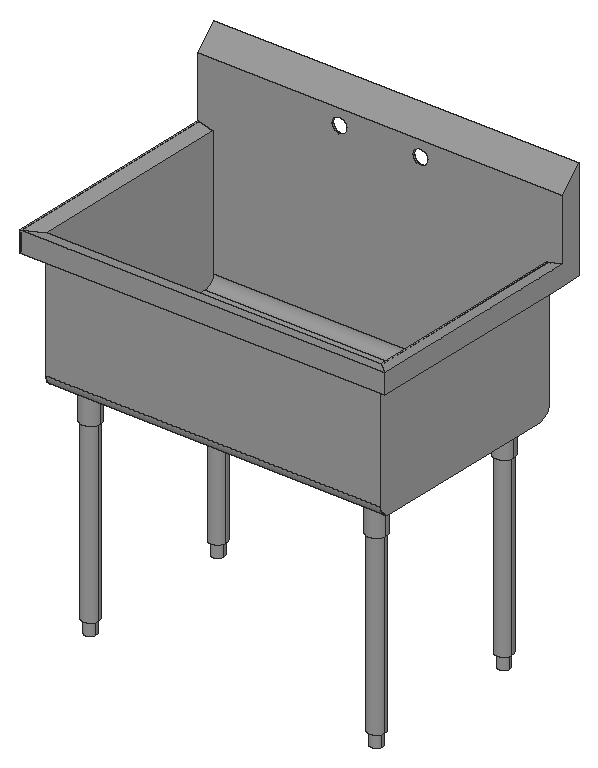
Revit family "equip-sink-elkay-weldbilt-S", category Plumbing Fixtures, Revit 2019
Family settings
  Round Connector Dimension = Use Diameter
  Part Type = Normal
  Work Plane-Based = No
  Always vertical = Yes
  Cut with Voids When Loaded = No
  Shared = No
  Room Calculation Point = No
Parameters (values of type "ByType")
  Width = 2' - 0"
  URL = "http://www.elkayusa.com/cps/rde/xchg/elkay/hs.xsl/Default.aspx"
  Specification URL = " "
  Sink Material = Metal - Steel - Stainless - Chrome
  Model Number = ""
  Model = "Weldbilt"  # constant formula
  Manufacturer = "Elkay Manufacturer"  # constant formula
  Length = 3' - 0"
  Installation URL = " "
  Hidden Width = if(Compartment Width > 0' 11", Width, (Compartment Width + Sink Rim Front Width + Backsplash Width))  # 2' - 0"
  Hidden Compartment Width = Width - Sink Rim Front Width - Backsplash Width  # 1' - 8 1/2"
  Hidden Compartment Length = Length - (Sink Rim Sides Width * 2)  # 2' - 9"
  Description = "Weldbilt Single Compartment Scullery Sinks"  # constant formula
  Compartment Length = if(Hidden Compartment Length > 0' 8 1/2", Hidden Compartment Length, 0' 8 1/2")  # 2' - 9"
  Hidden Length = if((Compartment Length > 0' 8 1/2"), Length, ((Compartment Length + Sink Rim Sides Width * 2)))  # 3' - 0"
  Sink Rim Sides Width = 0' - 1 1/2"  # constant formula
  Sink Rim Front Width = 0' - 1 1/2"  # constant formula
  Backsplash Width = 0' - 2"  # constant formula
  Sink Drain Location = Compartment Width / 2  # 0' - 10 1/4"
  Compartment Depth = 1' - 2"
  Compartment Width = if(Hidden Compartment Width > 0' 11", Hidden Compartment Width, 0' 11")  # 1' - 8 1/2"
  Rim Height = 3' - 0"
  Hole 1 to 2 = 0' - 8"
  Hole 1 From CL = 0' - 4"
  Faucet CL from Top Backsplash = 0' - 3 1/2"
  Backsplash Height = 0' - 8"
Reference planes (in)
  plane 1 "CL Sink Hole": y = -0.25
  plane 2 "Bottom": z = 0
  plane 3 "Center (Left/Right)": x = -6
  plane 4 "Basin Edge Left": x = -22.5
  plane 5 "Basin Edge Right": x = 10.5
  plane 6 "Basin Edge Back": y = 10
  plane 7 "Basin Edge Front": y = -10.5
  plane 8 "Left": x = -24
  plane 9 "Right": x = 12
  plane 10 "Back": y = 12
  plane 11 "Front": y = -12
  plane 12 "Sink Bowl Bottom (Top Face)": z = 22
  plane 13 "Sink Bowl Bottom (Bottom Face)": z = 21.875
  plane 14 "Sink Bottom Piece Back Edge": y = 9
  plane 15 "Sink Bottom Piece Front Edge": y = -9.5
  plane 16 "Center (Front/Back)": y = 0
  plane 17 "Sink Rim Top": z = 36
  plane 18 "Sink Bowl Bottom Radius Top Tangent": z = 23
  plane 19 "Sink Rim Inside Lower Edge": z = 35.59808
  plane 20: z = 44
  plane 21 "Backsplash Angle": z = 42
  plane 22 "Backsplash Side Piece Front": y = 10.125
  plane 23 "Backsplash Side Piece Top": z = 43.82322
  plane 24 "Backsplash Side Piece Angle": z = 41.94822
  plane 25 "Backsplash Side Piece Bottom": z = 34
  plane 26 "Backsplash Side Right Piece Inside Edge": x = 11.875
  plane 27 "Backsplash Side Left Piece Inside Edge": x = -23.875
  plane 28 "Basin Edge Right Outside Face": x = 10.5625
  plane 29 "Basin Edge Left Outside Face": x = -22.5625
  plane 30 "Faucet Hole CL Elev": z = 40.5
  plane 31 "CL Faucet Hole Left": x = -10
  plane 32 "CL Faucet Hole Right": x = -2
  plane 33 "Leg Left CL": x = -20.125
  plane 34 "Leg Front CL": y = -8.125
  plane 35: z = 18.825
  plane 36: z = 1.3125
  plane 37 "Leg Right CL": x = 8.125
  plane 38 "Leg Back CL": y = 7.625
  plane 39 "Basin Edge Front Outside Edge": y = -10.625
  plane 40 "Basin Edge Back Outside Edge": y = 10.125
Forms (in)
  Sweep 1, solid, material "Metal - Steel - Stainless - Chrome" <- "Sink Material"
    path origin (0, 0, 36) x (0, -1, 0) y (1, 0, 0)
      loop
        line (-10.125, 12) -> (12, 12) -> (12, -24) -> (-10.125, -24)
    profile "profile-weldbilt-rim : profile-weldbilt-rim" origin (-24, -0.9375, 36) x (-1, 0, 0) y (0, 0, 1)
      loop
        line (-1.5, -0.40192) -> (-1.41389, -0.45164) -> (-0.07031, -0.09163) -> (-0.07031, -1.94605) -> (-0.42259, -2.04044) -> (-0.42259, -2.11323) -> (0, -2) -> (0, 0) -> (-1.5, -0.40192)
  Extrusion 2, solid, material "Metal - Steel - Stainless - Chrome" <- "Sink Material"
    sketch origin (-6, 0, 0) x (0, 1, 0) y (0, 0, 1)
      loop
        line (-10.625, 35.59808) -> (-10.625, 23)
        arc (-10.625, 23) -> (-10.2955, 22.2045) -> (-9.5, 21.875) r 1.125
        line (-9.5, 21.875) -> (9, 21.875)
        arc (9, 21.875) -> (9.7955, 22.2045) -> (10.125, 23) r 1.125
        line (10.125, 23) -> (10.125, 35.59808) -> (10, 35.59808) -> (10, 23)
        arc (10, 23) -> (9.70711, 22.29289) -> (9, 22) r 1
        line (9, 22) -> (-9.5, 22)
        arc (-9.5, 22) -> (-10.20711, 22.29289) -> (-10.5, 23) r 1
        line (-10.5, 23) -> (-10.5, 35.59808) -> (-10.625, 35.59808)
    from -16.5 to 16.5
  Extrusion 3, solid, material "Metal - Steel - Stainless - Chrome" <- "Sink Material"
    sketch origin (-6, 0, 0) x (0, 1, 0) y (0, 0, 1)
      loop
        line (10, 42) -> (10, 35.59808) -> (10.125, 35.59808) -> (10.125, 41.94822) -> (12, 43.82322) -> (12, 44) -> (10, 42)
    from -18 to 18
  Extrusion 4, solid, material "Metal - Steel - Stainless - Chrome" <- "Sink Material"
    sketch origin (12, 0, 0) x (0, 1, 0) y (0, 0, 1)
      loop
        line (12, 43.82322) -> (10.125, 41.94822) -> (10.125, 34) -> (12, 34) -> (12, 43.82322)
    from -0.125 to 0
  Extrusion 5, solid, material "Metal - Steel - Stainless - Chrome" <- "Sink Material"
    sketch origin (-18, 0, 0) x (0, 1, 0) y (0, 0, 1)
      loop
        line (12, 43.82322) -> (10.125, 41.94822) -> (10.125, 34) -> (12, 34) -> (12, 43.82322)
    from -6 to -5.875
  Extrusion 6, solid, material "Metal - Steel - Stainless - Chrome" <- "Sink Material"
    sketch origin (10.5, 0, 0) x (0, 1, 0) y (0, 0, 1)
      loop
        line (-10.625, 35.59808) -> (-10.625, 23)
        arc (-10.625, 23) -> (-10.2955, 22.2045) -> (-9.5, 21.875) r 1.125
        line (-9.5, 21.875) -> (9, 21.875)
        arc (9, 21.875) -> (9.7955, 22.2045) -> (10.125, 23) r 1.125
        line (10.125, 23) -> (10.125, 35.59808) -> (-10.625, 35.59808)
    from 0 to 0.0625
  Extrusion 7, solid, material "Metal - Steel - Stainless - Chrome" <- "Sink Material"
    sketch origin (-22.5, 0, 0) x (0, 1, 0) y (0, 0, 1)
      loop
        line (10.125, 35.59808) -> (-10.625, 35.59808) -> (-10.625, 23)
        arc (-10.625, 23) -> (-10.2955, 22.2045) -> (-9.5, 21.875) r 1.125
        line (-9.5, 21.875) -> (9, 21.875)
        arc (9, 21.875) -> (9.7955, 22.2045) -> (10.125, 23) r 1.125
        line (10.125, 23) -> (10.125, 35.59808)
    from -0.0625 to 0
  Extrusion 8, void
    sketch origin (0, -0.25, 0) x (1, 0, 0) y (0, 0, 1)
      loop
        circle (-10, 40.5) r 0.75
    from -10.375 to -10.25
  Extrusion 9, void
    sketch origin (0, -0.25, 0) x (1, 0, 0) y (0, 0, 1)
      loop
        circle (-2, 40.5) r 0.75
    from -10.375 to -10.25
  Extrusion 10, void
    sketch origin (-45.27944, 78.60934, 0) x (1, 0, 0) y (0, 1, 0)
      loop
        circle (39.27944, -78.85934) r 2.375
    from 21.875 to 22
  Revolve 11, solid, material "Metal - Steel - Stainless - Chrome" <- "Sink Material"
    sketch origin (0, -8.125, 0) x (-1, 0, 0) y (0, 0, 1)
      loop
        line (20.9375, 18.825) -> (21.095, 18.825) -> (21.095, 21.875) -> (20.125, 21.875) -> (20.125, 0) -> (20.6875, 0) -> (20.6875, 1.3125) -> (20.9375, 1.3125) -> (20.9375, 18.825)
      axis (20.125, 21.875) -> (20.125, 0)
    angle from 0 to 360
  Revolve 12, solid, material "Metal - Steel - Stainless - Chrome" <- "Sink Material"
    sketch origin (0, -8.125, 0) x (-1, 0, 0) y (0, 0, 1)
      loop
        line (-8.9375, 18.825) -> (-8.9375, 1.3125) -> (-8.6875, 1.3125) -> (-8.6875, 0) -> (-8.125, 0) -> (-8.125, 21.875) -> (-9.095, 21.875) -> (-9.095, 18.825) -> (-8.9375, 18.825)
      axis (-8.125, 21.875) -> (-8.125, 0)
    angle from 0 to 360
  Revolve 13, solid, material "Metal - Steel - Stainless - Chrome" <- "Sink Material"
    sketch origin (0, 7.625, 0) x (-1, 0, 0) y (0, 0, 1)
      loop
        line (-8.9375, 18.825) -> (-8.9375, 1.3125) -> (-8.6875, 1.3125) -> (-8.6875, 0) -> (-8.125, 0) -> (-8.125, 21.875) -> (-9.095, 21.875) -> (-9.095, 18.825) -> (-8.9375, 18.825)
      axis (-8.125, 21.875) -> (-8.125, 0)
    angle from 0 to 360
  Revolve 14, solid, material "Metal - Steel - Stainless - Chrome" <- "Sink Material"
    sketch origin (0, 7.625, 0) x (-1, 0, 0) y (0, 0, 1)
      loop
        line (19.3125, 18.825) -> (19.3125, 1.3125) -> (19.5625, 1.3125) -> (19.5625, 0) -> (20.125, 0) -> (20.125, 21.875) -> (19.155, 21.875) -> (19.155, 18.825) -> (19.3125, 18.825)
      axis (20.125, 21.875) -> (20.125, 0)
    angle from 0 to 360
  Sweep 15, solid, material "Metal - Steel - Stainless - Chrome" <- "Sink Material"
    path origin (0, 0, 22) x (-1, 0, 0) y (0, -1, 0)
      loop
        circle (6, 0.25) r 2.375
    profile "profile-elkay-sink-hole-1 : profile-elkay-sink-hole-1" origin (-6, -2.625, 22) x (0, 1, 0) y (0, 0, 1)
      loop
        arc (0.10775, -0.05529) -> (0.06053, -0.01467) -> (0, 0) r 0.133
        line (0, 0) -> (0, -0.07422)
        arc (0, -0.07422) -> (0.0267, -0.08072) -> (0.04752, -0.09865) r 0.05878
        line (0.04752, -0.09865) -> (0.12152, -0.20143) -> (0.5715, -0.40832) -> (0.5715, -0.32577) -> (0.16939, -0.14089) -> (0.10775, -0.05529)
Cuts and joins
  Extrusion 10 cuts Extrusion 2
  Extrusion 8, Extrusion 9 cuts Extrusion 3
  Extrusion 10 cuts Extrusion 6
  joined: Sweep 1, Extrusion 2, Extrusion 3, Extrusion 4, Extrusion 5, Extrusion 6, Extrusion 7, Sweep 15
Lines and regions (in)
  Masking region 1
    outline origin (0, 0, 0) x (1, 0, 0) y (0, 1, 0)
      loop
        line (-24, 12) -> (-24, -12) -> (12, -12) -> (12, 12) -> (-24, 12)
  reference lines
    curve 1: arc (-6, -9.5, 22) -> (-6, -10.20711, 22.29289) -> (-6, -10.5, 23) r 1
    curve 2: arc (-6, 10, 23) -> (-6, 9.70711, 22.29289) -> (-6, 9, 22) r 1
    curve 3: line (-20.125, -8.125, 21.875) -> (-20.125, -8.125, 0)
    curve 4: line (8.125, -8.125, 22) -> (8.125, -8.125, 0)
    curve 5: line (8.125, 7.625, 21.875) -> (8.125, 7.625, 0)
    curve 6: line (-20.125, 7.625, 21.875) -> (-20.125, 7.625, 0)
    curve 15: arc (-6, 10.125, 23) -> (-6, 9.7955, 22.2045) -> (-6, 9, 21.875) r 1.125
    curve 16: arc (-6, -10.625, 23) -> (-6, -10.2955, 22.2045) -> (-6, -9.5, 21.875) r 1.125
  symbolic lines
    curve 7: line (-24, 10, 0) -> (12, 10, 0)
    curve 8: line (-22.5, -10.5, 0) -> (-22.5, 10, 0)
    curve 9: line (10.5, -10.5, 0) -> (-22.5, -10.5, 0)
    curve 10: line (10.5, 10, 0) -> (10.5, -10.5, 0)
    curve 11: circle (-6, -0.25, 0) r 2.375 normal (0, 0, 1)
    curve 12: line (-22.5, -10.5, 0) -> (-24, -12, 0)
    curve 13: line (12, -12, 0) -> (10.5, -10.5, 0)
    curve 14: circle (-6, -0.25, 0) r 1.75 normal (0, 0, 1)
Dimensions and locks (in)
  equal spacing: plane 8 "Left", plane 3 "Center (Left/Right)", plane 9 "Right"
  "Sink Rim Sides Width": plane 8 "Left" to plane 4 "Basin Edge Left"
  "Sink Rim Sides Width": plane 5 "Basin Edge Right" to plane 9 "Right"
  "Hidden Length": plane 8 "Left" to plane 9 "Right"
  "Sink Drain Location": plane 6 "Basin Edge Back" to plane 1 "CL Sink Hole"
  "Backsplash Width": plane 10 "Back" to plane 6 "Basin Edge Back"
  "Sink Rim Front Width": plane 7 "Basin Edge Front" to plane 11 "Front"
  "Hidden Width": plane 10 "Back" to plane 11 "Front"
  locked: plane 15 "Sink Bottom Piece Front Edge" to plane 7 "Basin Edge Front" at 1
  locked: plane 6 "Basin Edge Back" to plane 14 "Sink Bottom Piece Back Edge" at 1
  equal spacing: plane 10 "Back", plane 16 "Center (Front/Back)", plane 11 "Front"
  "Compartment Depth": plane 17 "Sink Rim Top" to plane 12 "Sink Bowl Bottom (Top Face)"
  "Rim Height": plane 17 "Sink Rim Top" to plane 2 "Bottom"
  locked: plane 18 "Sink Bowl Bottom Radius Top Tangent" to plane 12 "Sink Bowl Bottom (Top Face)" at 1
  locked: plane 17 "Sink Rim Top" to plane 19 "Sink Rim Inside Lower Edge" at 0.40192
  "Backsplash Height": plane 20 to plane 17 "Sink Rim Top"
  locked: plane 20 to plane 21 "Backsplash Angle" at 2
  locked: plane 20 to plane 23 "Backsplash Side Piece Top" at 0.17678
  locked: plane 6 "Basin Edge Back" to plane 22 "Backsplash Side Piece Front" at 0.125
  locked: plane 21 "Backsplash Angle" to plane 24 "Backsplash Side Piece Angle" at 0.05178
  locked: plane 26 "Backsplash Side Right Piece Inside Edge" to plane 9 "Right" at 0.125
  locked: plane 8 "Left" to plane 27 "Backsplash Side Left Piece Inside Edge" at 0.125
  locked: plane 5 "Basin Edge Right" to plane 28 "Basin Edge Right Outside Face" at 0.0625
  plane 29 "Basin Edge Left Outside Face" to plane 4 "Basin Edge Left" = 0' - 0 1/16"
  locked: plane 17 "Sink Rim Top" to plane 25 "Backsplash Side Piece Bottom" at 2
  locked: plane 34 "Leg Front CL" to plane 7 "Basin Edge Front" at 2.375
  locked: plane 4 "Basin Edge Left" to plane 33 "Leg Left CL" at 2.375
  "Hole 1 From CL": plane 31 "CL Faucet Hole Left" to plane 3 "Center (Left/Right)"
  "Hole 1 to 2": plane 31 "CL Faucet Hole Left" to plane 32 "CL Faucet Hole Right"
  locked: plane 12 "Sink Bowl Bottom (Top Face)" to plane 13 "Sink Bowl Bottom (Bottom Face)" at 0.125
  locked: plane 12 "Sink Bowl Bottom (Top Face)" to plane 35 at 3.175
  locked: plane 36 to plane 2 "Bottom" at 1.3125
  "Faucet CL from Top Backsplash": plane 20 to plane 30 "Faucet Hole CL Elev"
  locked: plane 37 "Leg Right CL" to plane 5 "Basin Edge Right" at 2.375
  locked: plane 6 "Basin Edge Back" to plane 38 "Leg Back CL" at 2.375
  locked: nested 1 to plane 9 "Right" at 4
  locked: plane 10 "Back" to nested 1 at 1
  locked: plane 39 "Basin Edge Front Outside Edge" to plane 7 "Basin Edge Front" at 0.125
  plane 6 "Basin Edge Back" to plane 40 "Basin Edge Back Outside Edge" = 0' - 0 1/8"
  aligned and locked: Extrusion 2 sketch curve to plane 6 "Basin Edge Back"
  aligned and locked: Extrusion 2 sketch curve to curve 2
  aligned and locked: Extrusion 2 sketch curve to curve 1
  aligned and locked: plane 5 "Basin Edge Right" to Extrusion 2
  aligned and locked: Extrusion 2 to plane 4 "Basin Edge Left"
  aligned and locked: Extrusion 2 sketch curve to plane 19 "Sink Rim Inside Lower Edge"  (x2)
  aligned and locked: Extrusion 3 sketch curve to plane 19 "Sink Rim Inside Lower Edge"
  aligned and locked: Extrusion 3 sketch curve to plane 10 "Back"
  aligned and locked: Extrusion 3 sketch curve to plane 6 "Basin Edge Back"
  aligned and locked: plane 9 "Right" to Extrusion 3
  aligned and locked: Extrusion 3 to plane 8 "Left"
  aligned and locked: plane 10 "Back" to Extrusion 4 sketch curve
  aligned and locked: Extrusion 4 sketch curve to plane 25 "Backsplash Side Piece Bottom"
  aligned and locked: Extrusion 4 sketch curve to plane 22 "Backsplash Side Piece Front"
  aligned and locked: Extrusion 4 to plane 26 "Backsplash Side Right Piece Inside Edge"
  aligned and locked: plane 9 "Right" to Extrusion 4
  aligned and locked: plane 22 "Backsplash Side Piece Front" to Sweep 1 sketch curve  (x2)
  aligned and locked: Extrusion 5 sketch curve to plane 10 "Back"
  aligned and locked: plane 22 "Backsplash Side Piece Front" to Extrusion 5 sketch curve
  aligned and locked: plane 25 "Backsplash Side Piece Bottom" to Extrusion 5 sketch curve
  aligned and locked: plane 27 "Backsplash Side Left Piece Inside Edge" to Extrusion 5
  aligned and locked: Extrusion 5 to plane 8 "Left"
  aligned and locked: Extrusion 6 sketch curve to plane 19 "Sink Rim Inside Lower Edge"
  aligned and locked: Extrusion 6 to plane 5 "Basin Edge Right"
  aligned and locked: plane 28 "Basin Edge Right Outside Face" to Extrusion 6
  aligned and locked: Extrusion 7 sketch curve to plane 19 "Sink Rim Inside Lower Edge"
  aligned and locked: Extrusion 7 to plane 29 "Basin Edge Left Outside Face"
  aligned and locked: plane 4 "Basin Edge Left" to Extrusion 7
  aligned and locked: plane 22 "Backsplash Side Piece Front" to Extrusion 9
  aligned and locked: Extrusion 9 to plane 6 "Basin Edge Back"
  aligned and locked: plane 22 "Backsplash Side Piece Front" to Extrusion 8
  aligned: Extrusion 8 to plane 14 "Sink Bottom Piece Back Edge"
  aligned and locked: Extrusion 8 to plane 6 "Basin Edge Back"
  aligned and locked: plane 12 "Sink Bowl Bottom (Top Face)" to Extrusion 10
  aligned and locked: Extrusion 10 to plane 13 "Sink Bowl Bottom (Bottom Face)"
  aligned and locked: Revolve 11 sketch curve to plane 13 "Sink Bowl Bottom (Bottom Face)"
  aligned and locked: Revolve 11 sketch curve to curve 3
  aligned and locked: curve 4 to plane 37 "Leg Right CL"
  aligned and locked: plane 12 "Sink Bowl Bottom (Top Face)" to curve 4
  aligned and locked: plane 2 "Bottom" to curve 4
  aligned and locked: Revolve 12 sketch curve to plane 36
  aligned and locked: Revolve 12 sketch curve to plane 35
  aligned and locked: plane 2 "Bottom" to Revolve 12 sketch curve  (x3)
  aligned and locked: plane 13 "Sink Bowl Bottom (Bottom Face)" to Revolve 12 sketch curve  (x2)
  aligned and locked: curve 4 to Revolve 12 sketch curve  (x2)
  aligned and locked: Revolve 13 sketch curve to plane 2 "Bottom"
  aligned and locked: plane 36 to Revolve 13 sketch curve
  aligned and locked: plane 35 to Revolve 13 sketch curve
  aligned and locked: Revolve 13 sketch curve to plane 13 "Sink Bowl Bottom (Bottom Face)"
  aligned and locked: plane 37 "Leg Right CL" to Revolve 13 sketch curve
  aligned and locked: Revolve 13 sketch curve to curve 5
  aligned and locked: Revolve 14 sketch curve to plane 2 "Bottom"
  aligned and locked: plane 36 to Revolve 14 sketch curve
  aligned and locked: plane 35 to Revolve 14 sketch curve
  aligned and locked: Revolve 14 sketch curve to plane 13 "Sink Bowl Bottom (Bottom Face)"
  aligned and locked: plane 33 "Leg Left CL" to Revolve 14 sketch curve
  aligned and locked: plane 2 "Bottom" to Revolve 14 sketch curve
  aligned and locked: Revolve 14 sketch curve to plane 33 "Leg Left CL"
  aligned and locked: Masking region 1 sketch curve to plane 10 "Back"
  aligned and locked: plane 8 "Left" to Masking region 1 sketch curve
  aligned and locked: Masking region 1 sketch curve to plane 9 "Right"
  aligned and locked: plane 11 "Front" to Masking region 1 sketch curve
  aligned and locked: plane 7 "Basin Edge Front" to curve 9
  aligned and locked: plane 4 "Basin Edge Left" to curve 8
  aligned and locked: curve 7 to plane 6 "Basin Edge Back"
  aligned and locked: plane 8 "Left" to curve 7
  aligned and locked: plane 9 "Right" to curve 7
  aligned and locked: Extrusion 6 sketch curve to plane 39 "Basin Edge Front Outside Edge"
  aligned and locked: Extrusion 6 sketch curve to plane 40 "Basin Edge Back Outside Edge"
  aligned and locked: Extrusion 6 sketch curve to curve 16
  aligned and locked: Extrusion 6 sketch curve to curve 15
  aligned and locked: Extrusion 7 sketch curve to curve 16
  aligned and locked: Extrusion 7 sketch curve to curve 15
  aligned and locked: plane 23 "Backsplash Side Piece Top" to Extrusion 4 sketch curve
  aligned and locked: plane 24 "Backsplash Side Piece Angle" to Extrusion 4 sketch curve
Automatic sketch dimensions
  Sweep 1 sketch curve to plane 8 "Left" = 0' - 0"
  Sweep 1 sketch curve to plane 11 "Front" = 0' - 0"
  Sweep 1 sketch curve to plane 9 "Right" = 0' - 0"
  Extrusion 3 sketch curve to plane 20 = 0' - 0"
  Extrusion 5 sketch curve to plane 24 "Backsplash Side Piece Angle" = 0' - 0"
  Extrusion 5 sketch curve to plane 23 "Backsplash Side Piece Top" = 0' - 0"
  Extrusion 8 sketch curve to plane 30 "Faucet Hole CL Elev" = 0' - 0"
  Extrusion 8 sketch curve to plane 31 "CL Faucet Hole Left" = 0' - 0"
  Extrusion 9 sketch curve to plane 30 "Faucet Hole CL Elev" = 0' - 0"
  Extrusion 9 sketch curve to plane 32 "CL Faucet Hole Right" = 0' - 0"
  Extrusion 10 sketch curve to plane 1 "CL Sink Hole" = 0' - 0"
  plane 3 "Center (Left/Right)" to Extrusion 10 sketch curve = 0' - 0"
  curve 3 to level = 0' - 0"
  curve 3 to plane 33 "Leg Left CL" = 0' - 0"
  curve 3 to plane 13 "Sink Bowl Bottom (Bottom Face)" = 0' - 0"
  Revolve 11 sketch curve to plane 33 "Leg Left CL" = 0' - 0"
  Revolve 11 sketch curve to level = 0' - 0"  (x2)
  Revolve 11 sketch curve to plane 36 = 0' - 0"
  Revolve 11 sketch curve to plane 35 = 0' - 0"
  Revolve 11 sketch curve to plane 13 "Sink Bowl Bottom (Bottom Face)" = 0' - 0"
  Revolve 11 sketch curve to Revolve 11 sketch curve = 0' - 0 9/16"
  Revolve 11 sketch curve to Revolve 11 sketch curve = 0' - 0 1/4"
  Revolve 11 sketch curve to Revolve 11 sketch curve = 0' - 0.1575"
  plane 37 "Leg Right CL" to Revolve 12 sketch curve = 0' - 0 9/16"
  plane 37 "Leg Right CL" to Revolve 12 sketch curve = 0' - 0 13/16"
  Revolve 12 sketch curve to Revolve 12 sketch curve = 0' - 0.1575"
  curve 5 to level = 0' - 0"
  curve 5 to plane 37 "Leg Right CL" = 0' - 0"
  curve 5 to plane 13 "Sink Bowl Bottom (Bottom Face)" = 0' - 0"
  Revolve 13 sketch curve to level = 0' - 0"
  Revolve 13 sketch curve to plane 13 "Sink Bowl Bottom (Bottom Face)" = 0' - 0"
  plane 37 "Leg Right CL" to Revolve 13 sketch curve = 0' - 0 9/16"
  Revolve 13 sketch curve to Revolve 13 sketch curve = 0' - 0 1/4"
  Revolve 13 sketch curve to Revolve 13 sketch curve = 0' - 0.97"
  Revolve 14 sketch curve to plane 13 "Sink Bowl Bottom (Bottom Face)" = 0' - 0"
  plane 33 "Leg Left CL" to Revolve 14 sketch curve = 0' - 0 9/16"
  Revolve 14 sketch curve to Revolve 14 sketch curve = 0' - 0 1/4"
  Revolve 14 sketch curve to Revolve 14 sketch curve = 0' - 0.97"
  curve 6 to level = 0' - 0"
  curve 6 to plane 33 "Leg Left CL" = 0' - 0"
  curve 6 to plane 13 "Sink Bowl Bottom (Bottom Face)" = 0' - 0"
  plane 1 "CL Sink Hole" to Sweep 15 sketch curve = 0' - 0"
  Sweep 15 sketch curve to plane 3 "Center (Left/Right)" = 0' - 0"
  curve 11 to curve 14 = 0' - 0"  (x2)
  curve 12 to plane 8 "Left" = 0' - 0"
  plane 1 "CL Sink Hole" to curve 14 = 0' - 0"
  curve 14 to plane 3 "Center (Left/Right)" = 0' - 0"
  curve 13 to plane 5 "Basin Edge Right" = 0' - 0"
  curve 13 to plane 9 "Right" = 0' - 0"
  curve 13 to plane 11 "Front" = 0' - 0"
  curve 12 to plane 11 "Front" = 0' - 0"
  curve 1 to curve 16 = 0' - 0"  (x2)
  curve 2 to curve 15 = 0' - 0"  (x2)
  curve 16 to plane 18 "Sink Bowl Bottom Radius Top Tangent" = 0' - 0"
  curve 16 to plane 39 "Basin Edge Front Outside Edge" = 0' - 0"
  curve 1 to plane 7 "Basin Edge Front" = 0' - 0"
  curve 1 to plane 12 "Sink Bowl Bottom (Top Face)" = 0' - 0"
  curve 15 to plane 14 "Sink Bottom Piece Back Edge" = 0' - 0"
  curve 2 to plane 6 "Basin Edge Back" = 0' - 0"
  curve 15 to plane 18 "Sink Bowl Bottom Radius Top Tangent" = 0' - 0"
  curve 15 to plane 40 "Basin Edge Back Outside Edge" = 0' - 0"
  plane 23 "Backsplash Side Piece Top" to Extrusion 3 sketch curve = 0' - 0"
  Extrusion 3 sketch curve to plane 21 "Backsplash Angle" = 0' - 0"
  Extrusion 3 sketch curve to plane 22 "Backsplash Side Piece Front" = 0' - 0"
  Extrusion 3 sketch curve to plane 21 "Backsplash Angle" = 0' - 0.05178"
  Extrusion 2 sketch curve to plane 39 "Basin Edge Front Outside Edge" = 0' - 0"
  Extrusion 2 sketch curve to Extrusion 2 sketch curve = 0' - 0"  (x4)
  radius of Extrusion 8 sketch curve = 0' - 0 3/4"
  radius of Extrusion 9 sketch curve = 0' - 0 3/4"
  radius of Extrusion 10 sketch curve = 0' - 2 3/8"
  radius of Sweep 15 sketch curve = 0' - 2 3/8"
  radius of curve 11 = 0' - 2 3/8"
  radius of curve 14 = 0' - 1 3/4"
Nested families (in)
  nested 1: "logo-elkay-detail" at (8, 11, 0), type "logo-elkay-detail"
Definition of nested family "logo-elkay-detail"
  Reference planes (in)
    plane 1 "Center (Front/Back)": y = 0
    plane 2: z = 0
    plane 3 "Center (Left/Right)": x = 0
  Lines and regions (in)
    detail lines, in view "Ref. Level"
      curve 1: line (-1.81545, 0.37736, 0) -> (-2.86608, 0.37736, 0)
      curve 2: line (-2.86608, 0.37736, 0) -> (-2.99916, -0.37736, 0)
      curve 3: line (-2.99916, -0.37736, 0) -> (-1.89769, -0.37736, 0)
      curve 4: line (-1.89769, -0.37736, 0) -> (-1.87836, -0.26772, 0)
      curve 5: line (-1.87836, -0.26772, 0) -> (-2.75664, -0.26772, 0)
      curve 6: line (-2.75664, -0.26772, 0) -> (-2.71915, -0.05507, 0)
      curve 7: line (-2.71915, -0.05507, 0) -> (-1.94254, -0.05507, 0)
      curve 8: line (-1.94254, -0.05507, 0) -> (-1.92312, 0.05507, 0)
      curve 9: line (-1.92312, 0.05507, 0) -> (-2.71407, 0.05507, 0)
      curve 10: line (-2.71407, 0.05507, 0) -> (-2.67657, 0.26772, 0)
      curve 11: line (-2.67657, 0.26772, 0) -> (-1.83479, 0.26772, 0)
      curve 12: line (-1.83479, 0.26772, 0) -> (-1.81545, 0.37736, 0)
      curve 13: line (-1.55864, -0.26772, 0) -> (-1.44489, 0.37736, 0)
      curve 14: line (-1.44489, 0.37736, 0) -> (-1.65384, 0.37736, 0)
      curve 15: line (-1.65384, 0.37736, 0) -> (-1.78692, -0.37736, 0)
      curve 16: line (-1.78692, -0.37736, 0) -> (-0.81843, -0.37736, 0)
      curve 17: line (-0.81843, -0.37736, 0) -> (-0.7991, -0.26772, 0)
      curve 18: line (-0.7991, -0.26772, 0) -> (-1.55864, -0.26772, 0)
      curve 19: line (-0.70839, -0.37736, 0) -> (-0.57531, 0.37736, 0)
      curve 20: line (-0.57531, 0.37736, 0) -> (-0.36636, 0.37736, 0)
      curve 21: line (-0.36636, 0.37736, 0) -> (-0.44053, -0.04327, 0)
      curve 22: line (-0.44053, -0.04327, 0) -> (0.30095, 0.37736, 0)
      curve 23: line (0.30095, 0.37736, 0) -> (0.59826, 0.37736, 0)
      curve 24: line (0.59826, 0.37736, 0) -> (0.025, 0.05216, 0)
      curve 25: line (0.025, 0.05216, 0) -> (0.49251, -0.37736, 0)
      curve 26: line (0.49251, -0.37736, 0) -> (0.1672, -0.37736, 0)
      curve 27: line (0.1672, -0.37736, 0) -> (-0.17613, -0.06193, 0)
      curve 28: line (-0.17613, -0.06193, 0) -> (-0.47357, -0.23067, 0)
      curve 29: line (-0.47357, -0.23067, 0) -> (-0.49944, -0.37736, 0)
      curve 30: line (-0.49944, -0.37736, 0) -> (-0.70839, -0.37736, 0)
      curve 31: line (1.55597, -0.12503, 0) -> (1.3377, 0.32386, 0)
      curve 32: line (1.3377, 0.32386, 0) -> (0.94493, -0.12503, 0)
      curve 33: line (0.94493, -0.12503, 0) -> (1.55597, -0.12503, 0)
      curve 34: line (1.55608, 0.37736, 0) -> (1.92307, -0.37736, 0)
      curve 35: line (1.92307, -0.37736, 0) -> (1.67867, -0.37736, 0)
      curve 36: line (1.67867, -0.37736, 0) -> (1.60734, -0.23067, 0)
      curve 37: line (1.60734, -0.23067, 0) -> (0.8525, -0.23067, 0)
      curve 38: line (0.8525, -0.23067, 0) -> (0.72414, -0.37736, 0)
      curve 39: line (0.72414, -0.37736, 0) -> (0.52921, -0.37736, 0)
      curve 40: line (0.52921, -0.37736, 0) -> (1.1896, 0.37736, 0)
      curve 41: line (1.1896, 0.37736, 0) -> (1.55608, 0.37736, 0)
      curve 42: line (1.98079, 0.37736, 0) -> (2.29994, 0.03841, 0)
      curve 43: line (2.29994, 0.03841, 0) -> (2.75395, 0.37736, 0)
      curve 44: line (2.75395, 0.37736, 0) -> (2.99916, 0.37736, 0)
      curve 45: line (2.99916, 0.37736, 0) -> (2.38123, -0.08397, 0)
      curve 46: line (2.38123, -0.08397, 0) -> (2.3295, -0.37736, 0)
      curve 47: line (2.3295, -0.37736, 0) -> (2.10632, -0.37736, 0)
      curve 48: line (2.10632, -0.37736, 0) -> (2.15092, -0.12442, 0)
      curve 49: line (2.15092, -0.12442, 0) -> (1.67845, 0.37736, 0)
      curve 50: line (1.67845, 0.37736, 0) -> (1.98079, 0.37736, 0)
